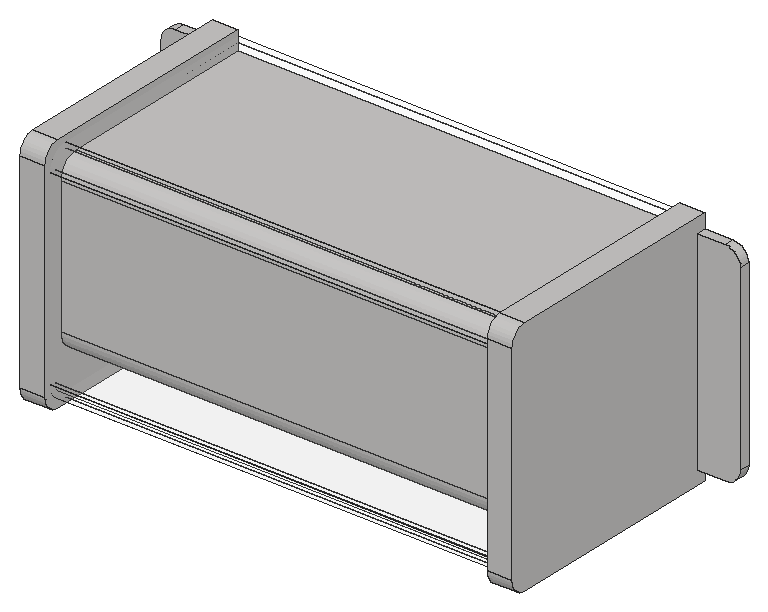
Revit family "ROBUST 95 LED EMERGENCY LIGHT TWT9551WK", category Lighting Fixtures, Revit 2015
Parameters (values of type "TWT9551WK")
  Width = 304 mm  # constant formula
  URL = ""
  Type Image = <None>
  Product Code = "TWT9551WK"  # constant formula
  Model = "ROBUST SAFE"  # constant formula
  Manufacturer = "Teknoware Oy"  # constant formula
  Keynote = "23"
  Height = 126 mm  # constant formula
  Description = ""
  Depth = 126 mm  # constant formula
  Color = RAL9003
  Body Material = Plastic
Reference planes
  plane 1 "Light Source Axis (F/B)": y = 0
  plane 2 "Floor": z = 0
  plane 3 "Light Source Axis (L/R)": x = 0
  plane 4 "Light Source Elevation": z = -126
  plane 5: x = -152
  plane 6: x = 152
  plane 7: y = -63
  plane 8: y = 63
  plane 9 "Top": z = 0
  plane 10 "Center (Elevation)": z = -63
  plane 11: z = -101
Dimensions and locks
  equal spacing: plane 5, plane 3 "Light Source Axis (L/R)", plane 6
  equal spacing: plane 8, plane 1 "Light Source Axis (F/B)", plane 7
  "Depth": plane 8 to plane 7
  "Width": plane 5 to plane 6
  equal spacing: plane 9 "Top", plane 10 "Center (Elevation)", plane 4 "Light Source Elevation"
  "Height": plane 9 "Top" to plane 4 "Light Source Elevation"
  locked: plane 9 "Top" to plane 11 at 101
  equal spacing: plane 3 "Light Source Axis (L/R)", nested 3, plane 6
  equal spacing: plane 5, nested 4, plane 3 "Light Source Axis (L/R)"
  aligned and locked: level to plane 2 "Floor"
  aligned and locked: plane 1 "Light Source Axis (F/B)" to nested 1
  aligned and locked: plane 9 "Top" to nested 1
  aligned and locked: plane 1 "Light Source Axis (F/B)" to nested 2
  aligned and locked: plane 3 "Light Source Axis (L/R)" to nested 2
  aligned and locked: level to plane 9 "Top"
  aligned and locked: nested 3 to plane 11
  aligned and locked: plane 1 "Light Source Axis (F/B)" to nested 3
  aligned and locked: nested 4 to plane 11
  aligned and locked: plane 1 "Light Source Axis (F/B)" to nested 4
Nested families
  nested 1: "TWT9551WK runko" at (448, 237, -126), type "TWT9551WK runko"
  nested 2: "Teknoware 2D DET" at (0, 0, 0), Depth <- "Depth", Width <- "Width", type "Teknoware 2D DET"
    with Width 304 mm, Depth 126 mm
  nested 3: "LED" at (76, 0, -1501), type "LED"
    with Up no, Down yes
  nested 4: "LED" at (-76, 0, -1501), type "LED"
    with Up no, Down yes
  nested 5: "TWT9551WK kupu" at (448, 237, -126), type "TWT9551WK kupu"
Definition of nested family "TWT9551WK runko"
  Parameters (values of type "TWT9551WK runko")
    Depth = 126 mm  # constant formula
    Width = 304 mm  # constant formula
    Height = 126 mm  # constant formula
    Color = none
    Body Material = none
  Reference planes
    plane 1 "Center (Front/Back)": y = -237
    plane 2 "Bottom": z = 0
    plane 3 "Center (Left/Right)": x = -448
    plane 4 "Left": x = -600
    plane 5 "Right": x = -296
    plane 6 "Front": y = -300
    plane 7 "Back": y = -174
    plane 8 "Top": z = 126
    plane 9 "Center (Elevation)": z = 63
  Forms (mm)
    Extrusion 1, solid, material <- "Body Material"
      sketch origin (-448, 0, 0) x (0, 1, 0) y (0, 0, 1)
        loop
          line (-174, 126) -> (-291.539, 126)
          arc (-291.539, 126) -> (-297.522, 123.522) -> (-300, 117.539) r 8.461
          line (-300, 117.539) -> (-300, 8.5)
          arc (-300, 8.5) -> (-297.51, 2.49) -> (-291.5, 0) r 8.5
          line (-291.5, 0) -> (-174, 0) -> (-174, 126)
      from -129 to -115.953
    Extrusion 2, solid, material <- "Body Material"
      sketch origin (-448, 0, 0) x (0, 1, 0) y (0, 0, -1)
        loop
          line (-174, -126) -> (-174, 0) -> (-291.5, 0)
          arc (-291.5, 0) -> (-297.51, -2.49) -> (-300, -8.5) r 8.5
          line (-300, -8.5) -> (-300, -117.539)
          arc (-300, -117.539) -> (-297.522, -123.522) -> (-291.539, -126) r 8.461
          line (-291.539, -126) -> (-174, -126)
      from -129 to -115.953
    Extrusion 3, solid, material <- "Body Material"
      sketch origin (0, -237, 0) x (1, 0, 0) y (0, 0, 1)
        loop
          line (-577, 7.5) -> (-577, 118.5) -> (-592, 118.5)
          arc (-592, 118.5) -> (-597.657, 116.157) -> (-600, 110.5) r 8
          line (-600, 110.5) -> (-600, 15.5)
          arc (-600, 15.5) -> (-597.657, 9.843) -> (-592, 7.5) r 8
          line (-592, 7.5) -> (-577, 7.5)
        loop
          line (-319, 7.5) -> (-304, 7.5)
          arc (-304, 7.5) -> (-298.343, 9.843) -> (-296, 15.5) r 8
          line (-296, 15.5) -> (-296, 110.5)
          arc (-296, 110.5) -> (-298.343, 116.157) -> (-304, 118.5) r 8
          line (-304, 118.5) -> (-319, 118.5) -> (-319, 7.5)
      from -63 to -58
    Extrusion 4, solid, material <- "Body Material"
      sketch origin (-448, 0, 0) x (0, 1, 0) y (0, 0, 1)
        loop
          line (-290, 106) -> (-290, 35)
          arc (-290, 35) -> (-287.071, 27.929) -> (-280, 25) r 10
          line (-280, 25) -> (-174, 25) -> (-174, 116) -> (-280, 116)
          arc (-280, 116) -> (-287.071, 113.071) -> (-290, 106) r 10
      from -115.953 to 115.953
  Cuts and joins
    joined: Extrusion 1, Extrusion 2, Extrusion 3, Extrusion 4
  Dimensions and locks
    equal spacing: plane 4 "Left", plane 3 "Center (Left/Right)", plane 5 "Right"
    equal spacing: plane 7 "Back", plane 1 "Center (Front/Back)", plane 6 "Front"
    equal spacing: plane 8 "Top", plane 9 "Center (Elevation)", plane 2 "Bottom"
    "Height": plane 8 "Top" to plane 2 "Bottom"
    "Width": plane 4 "Left" to plane 5 "Right"
    "Depth": plane 7 "Back" to plane 6 "Front"
    aligned and locked: level to plane 2 "Bottom"
  Automatic sketch dimensions
    Extrusion 1 sketch curve to plane 6 "Front" = 0 mm
    Extrusion 1 sketch curve to plane 8 "Top" = 0 mm
    Extrusion 1 sketch curve to level = 0 mm
    Extrusion 1 sketch curve to plane 7 "Back" = 0 mm
    plane 6 "Front" to Extrusion 1 sketch curve = 8.461 mm
    level to Extrusion 1 sketch curve = 8.5 mm
    Extrusion 2 sketch curve to plane 6 "Front" = 0 mm
    Extrusion 2 sketch curve to plane 8 "Top" = 0 mm
    Extrusion 2 sketch curve to level = 0 mm
    Extrusion 2 sketch curve to plane 7 "Back" = 0 mm
    plane 6 "Front" to Extrusion 2 sketch curve = 8.461 mm
    level to Extrusion 2 sketch curve = 8.5 mm
    Extrusion 3 sketch curve to plane 4 "Left" = 0 mm
    Extrusion 3 sketch curve to plane 5 "Right" = 0 mm
    plane 4 "Left" to Extrusion 3 sketch curve = 8 mm  (x2)
    Extrusion 3 sketch curve to Extrusion 3 sketch curve = 15 mm
    level to Extrusion 3 sketch curve = 7.5 mm  (x2)
    Extrusion 3 sketch curve to plane 5 "Right" = 23 mm
    Extrusion 3 sketch curve to plane 5 "Right" = 8 mm  (x2)
    Extrusion 3 sketch curve to plane 8 "Top" = 15.5 mm  (x2)
    Extrusion 4 sketch curve to plane 7 "Back" = 0 mm
    plane 6 "Front" to Extrusion 4 sketch curve = 20 mm  (x2)
    level to Extrusion 4 sketch curve = 25 mm
    Extrusion 4 sketch curve to Extrusion 4 sketch curve = 10 mm
    Extrusion 4 sketch curve to plane 8 "Top" = 20 mm
Definition of nested family "LED"
  Parameters (values of type "LED")
    Wattage = 1.34642 W
    built-in parameter 1150110 = 1 (stored number, unit not read)
    Up [instance] = yes
    built-in parameter 1114217 = 1 (stored number, unit not read)
    built-in parameter 1150109 = 1 (stored number, unit not read)
    built-in parameter 1150134 = (empty or 0)
    built-in parameter 1150113 = 1 (stored number, unit not read)
    Lumens = 200 lm
    built-in parameter 1150115 = 1 (stored number, unit not read)
    built-in parameter 1150105 = 15.915 (stored number, unit not read)
    Light Source Symbol Size = 609.6 mm
    built-in parameter 1150137 = (empty or 0)
    built-in parameter 1150139 = (empty or 0)
    built-in parameter 1150112 = 1 (stored number, unit not read)
    built-in parameter 1150114 = 1 (stored number, unit not read)
    built-in parameter 1150132 = 2
    built-in parameter 1150102 = (empty or 0)
    built-in parameter 1150138 = (empty or 0)
    built-in parameter 1150107 = 3000 (stored number, unit not read)
    built-in parameter 1150106 = 0.15915 (stored number, unit not read)
    built-in parameter 1150104 = 13.8 (stored number, unit not read)
    Down [instance] = yes
    Dimming Lamp Color Temperature Shift = (empty or 0)
    Color Filter = 16777215
    built-in parameter 1114218 = 1 (stored number, unit not read)
    built-in parameter 1150133 = 10 (stored number, unit not read)
  Reference planes
    plane 1 "Light Source Axis (F/B)": y = 0
    plane 2: z = 0
    plane 3 "Light Source Axis (L/R)": x = 0
    plane 4 "Light Source Elevation": z = 1400
  Forms (mm)
    Revolve 1, solid, visible <- "Up"
      sketch origin (0, 0, 1400) x (0, 1, 0) y (0, 0, 1)
        loop
          line (-2.5, 0) -> (-1.5, 0)
          arc (-1.5, 0) -> (0, 1.5) -> (1.5, 0) r 1.5
          line (1.5, 0) -> (2.5, 0)
          arc (2.5, 0) -> (0, 2.5) -> (-2.5, 0) r 2.5
        axis (2.5, 0) -> (-2.5, 0)
      angle from -90 to 90
    Revolve 2, solid, visible <- "Down"
      sketch origin (0, 0, 1400) x (0, 1, 0) y (0, 0, 1)
        loop
          arc (-2.5, 0) -> (0, -2.5) -> (2.5, 0) r 2.5
          line (2.5, 0) -> (1.5, 0)
          arc (1.5, 0) -> (0, -1.5) -> (-1.5, 0) r 1.5
          line (-1.5, 0) -> (-2.5, 0)
        axis (2.5, 0) -> (-2.5, 0)
      angle from -90 to 90
  Dimensions and locks
    aligned and locked: plane 3 "Light Source Axis (L/R)" to imposter light
    aligned and locked: plane 1 "Light Source Axis (F/B)" to imposter light
    aligned and locked: plane 4 "Light Source Elevation" to imposter light
    aligned and locked: plane 2 to level
Definition of nested family "TWT9551WK kupu"
  Parameters (values of type "TWT9551WK kupu")
    Depth = 126 mm  # constant formula
    Width = 304 mm  # constant formula
    Height = 126 mm  # constant formula
    Color = none
    Body Material = none
  Reference planes
    plane 1 "Center (Front/Back)": y = -237
    plane 2 "Bottom": z = 0
    plane 3 "Center (Left/Right)": x = -448
    plane 4 "Left": x = -600
    plane 5 "Right": x = -296
    plane 6 "Front": y = -300
    plane 7 "Back": y = -174
    plane 8 "Top": z = 126
    plane 9 "Center (Elevation)": z = 63
  Forms (mm)
    Extrusion 1, solid, material <- "Body Material"
      sketch origin (-448, 0, 0) x (0, 1, 0) y (0, 0, 1)
        loop
          line (-297, 113) -> (-297, 13)
          arc (-297, 13) -> (-294.071, 5.929) -> (-287, 3) r 10
          line (-287, 3) -> (-174, 3) -> (-174, 6) -> (-287, 6)
          arc (-287, 6) -> (-291.95, 8.05) -> (-294, 13) r 7
          line (-294, 13) -> (-294, 113)
          arc (-294, 113) -> (-291.95, 117.95) -> (-287, 120) r 7
          line (-287, 120) -> (-174, 120) -> (-174, 123) -> (-287, 123)
          arc (-287, 123) -> (-294.071, 120.071) -> (-297, 113) r 10
      from -115.953 to 115.953
  Dimensions and locks
    equal spacing: plane 4 "Left", plane 3 "Center (Left/Right)", plane 5 "Right"
    equal spacing: plane 7 "Back", plane 1 "Center (Front/Back)", plane 6 "Front"
    equal spacing: plane 8 "Top", plane 9 "Center (Elevation)", plane 2 "Bottom"
    "Height": plane 8 "Top" to plane 2 "Bottom"
    "Width": plane 4 "Left" to plane 5 "Right"
    "Depth": plane 7 "Back" to plane 6 "Front"
    aligned and locked: level to plane 2 "Bottom"
  Automatic sketch dimensions
    Extrusion 1 sketch curve to plane 8 "Top" = 3 mm
    level to Extrusion 1 sketch curve = 3 mm
    plane 6 "Front" to Extrusion 1 sketch curve = 13 mm  (x2)
    level to Extrusion 1 sketch curve = 13 mm
    Extrusion 1 sketch curve to Extrusion 1 sketch curve = 0 mm  (x4)
    Extrusion 1 sketch curve to Extrusion 1 sketch curve = 3 mm
    Extrusion 1 sketch curve to plane 7 "Back" = 0 mm  (x2)
Definition of nested family "Teknoware 2D DET"
  Parameters (values of type "Teknoware 2D DET")
    Width [instance] = 520 mm
    Depth [instance] = 400 mm
  Reference planes
    plane 1 "Center (Front/Back)": y = 0
    plane 2: z = 0
    plane 3 "Center (Left/Right)": x = 0
    plane 4: x = -260
    plane 5: x = 260
    plane 6: y = -200
    plane 7: y = 200
  Lines and regions (mm)
    detail lines, in view "Ref. Level"
      curve 1: line (-260, 200, 0) -> (260, 200, 0)
      curve 2: line (-260, -200, 0) -> (-260, 200, 0)
      curve 3: line (260, -200, 0) -> (-260, -200, 0)
      curve 4: line (260, 200, 0) -> (260, -200, 0)
      curve 5: line (-260, -200, 0) -> (260, 200, 0)
      curve 6: line (-260, 200, 0) -> (260, -200, 0)
  Dimensions and locks
    equal spacing: plane 7, plane 1 "Center (Front/Back)", plane 6
    equal spacing: plane 4, plane 3 "Center (Left/Right)", plane 5
    "Depth": plane 7 to plane 6
    "Width": plane 4 to plane 5
    aligned and locked: curve 1 to plane 7
    aligned and locked: plane 4 to curve 2
    aligned and locked: plane 6 to curve 3
    aligned and locked: plane 5 to curve 4
